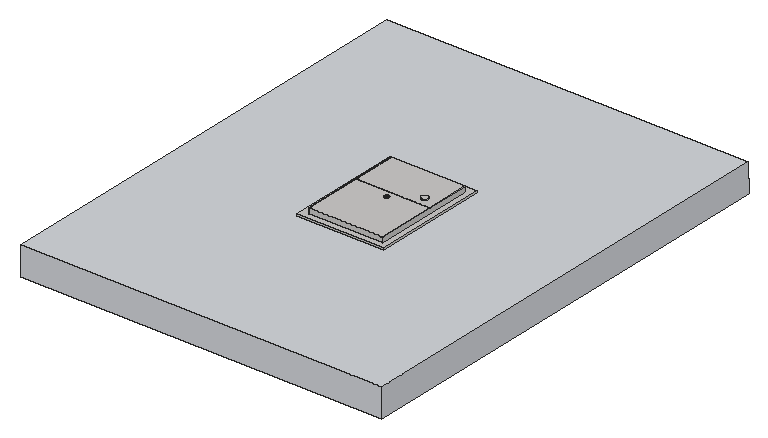
Revit family
Parameters
  Warranty Duration (Years) = 0
  Unit Width [instance] = 0' - 4 1/4"
  Unit Height [instance] = 0' - 0"
  Unit Depth = 0' - 4 1/4"
  URL = "http://www.americanspecialties.com/viewCategories.cfm"
  Trim Material = Metal - Stainless Steel
  Test Data = ""
  Specification = "http://www.arcat.com/sdspecs/htm/10810asi.htm"
  SpecWizard = ""
  Send Message = "http://www.arcat.com/users.pl?action=UserEmail&company=American%20Specialties,%20Inc.&coid=30448&rep=139&fax=914-476-0688&mf="
  Sales Information = "http://www.americanspecialties.com/contact"
  Revision = "R1_10-2010"
  Product Properties = "http://www.americanspecialties.com/datasheets/0472.pdf"
  Product Data = "http://www.arcat.com/arcatcos/cos30/arc30448.html"
  Model = "As Specified in 10 28 13"
  Manufacturer Website = "http://www.americanspecialties.com/viewCategories.cfm"
  Manufacturer Phone - Toll Free = ""
  Manufacturer Phone = "914-476-9000 "
  Manufacturer Fax = "914-476-0688"
  Manufacturer Address = "441 Saw Mill River Rd., Yonkers, NY 10701"
  Manufacturer = "American Specialties, Inc."
  Maintenance Schedule (Months) = 0
  Keynote = "10 28 13"
  Installation-Fabrication = "http://www.americanspecialties.com/products.cfm"
  Green Building-LEED = ""
  Expected Lifespan (Years) = 0
  Drawn By = "Robert S. Weygant. CSI, CDT, SCIP"  # constant formula
  Description = "Toilet Accessory as Specified in 10 28 13"
  Default Elevation = 4' - 0"
  Copyright = "©Arcat Inc."
  Construction Details = "http://www.arcat.com/green/clients/leed_data_30448.html"
  Building Codes = "http://www.americanspecialties.com/products.cfm"
  Body Material = Metal - Stainless Steel
  Assembly Code = "C1030210"
  a [instance] = 0' - 1"
  b [instance] = 0' - 2"
  c [instance] = ((0' 3 1/4" - b))  # 0' - 1 1/4"
Reference planes (in)
  plane 1 "Center (Front/Back)": y = -0.29112
  plane 2 "Floor Line": z = 0
  plane 3 "Center (Left/Right)": x = -0.65843
  plane 4: z = -4.25
Forms (in)
  Extrusion 1, solid
    sketch origin (-3, -9, -6) x (0, 0, -1) y (1, 0, 0)
      loop
        line (-6, 28.75709) -> (-6, -24.80417) -> (-1.75, -24.80417) -> (-1.75, 28.75709) -> (-6, 28.75709)
    from 25.29112 to -42.72698
  Extrusion 2, solid, material "Metal - Stainless Steel" <- "Body Material"
    sketch origin (-52.07261, -7.2106, 0.25) x (1, 0, 0) y (0, 1, 0)
      loop
        line (44.91417, 15.54448) -> (44.91417, -1.70552) -> (57.91417, -1.70552) -> (57.91417, 15.54448) -> (44.91417, 15.54448)
      loop
        line (45.91417, 14.54448) -> (45.91417, -0.70552) -> (56.91417, -0.70552) -> (56.91417, 14.54448) -> (45.91417, 14.54448)
    from -0.25 to 0
  Extrusion 3, solid, material "Metal - Stainless Steel" <- "Body Material"
    sketch origin (-52.07261, -7.2106, -2) x (1, 0, 0) y (0, 1, 0)
      loop
        line (44.91417, 15.54448) -> (44.91417, -1.70552) -> (57.91417, -1.70552) -> (57.91417, 15.54448) -> (44.91417, 15.54448)
      loop
        line (45.91417, 14.54448) -> (45.91417, -0.70552) -> (56.91417, -0.70552) -> (56.91417, 14.54448) -> (45.91417, 14.54448)
      loop
        circle (45.41417, 12.85698) r 0.25
      loop
        circle (57.41417, 12.85698) r 0.25
      loop
        circle (45.41417, 0.98198) r 0.25
      loop
        circle (57.41417, 0.98198) r 0.25
    from -0.25 to 0
  Extrusion 4, solid, material "Metal - Stainless Steel" <- "Body Material"
    sketch origin (-0.65843, 0, 1) x (0, 1, 0) y (0, 0, 1)
      loop
        line (7.33388, -0.03125) -> (7.30263, -0.03125) -> (7.30263, -4.21875) -> (7.33388, -4.21875) -> (7.33388, -0.03125)
      loop
        line (-7.91612, -4.21875) -> (-7.88487, -4.21875) -> (-7.88487, -0.03125) -> (-7.91612, -0.03125) -> (-7.91612, -4.21875)
    from 5.46875 to -5.46875
  Extrusion 5, solid, material "Metal - Stainless Steel" <- "Body Material"
    sketch origin (-0.65843, 0, 1) x (0, 1, 0) y (0, 0, 1)
      loop
        line (7.33388, -0.03125) -> (-7.91612, -0.03125) -> (-7.91612, -4.25) -> (7.33388, -4.25) -> (7.33388, -0.03125)
    from -5.46875 to -5.5
  Extrusion 6, solid, material "Metal - Stainless Steel" <- "Body Material"
    sketch origin (-0.65843, 0, 1) x (0, 1, 0) y (0, 0, -1)
      loop
        line (7.33388, 0.03125) -> (7.33388, 4.21875) -> (-7.91612, 4.21875) -> (-7.91612, 0.03125) -> (7.33388, 0.03125)
    from -5.46875 to -5.5
  Extrusion 7, solid, material "Metal - Stainless Steel" <- "Body Material"
    sketch origin (0, 0, 1) x (1, 0, 0) y (0, 1, 0)
      loop
        line (-6.15843, 7.33388) -> (-6.15843, 0.83388) -> (4.84157, 0.83388) -> (4.84157, 7.33388) -> (-6.15843, 7.33388)
      loop
        line (4.84157, 0.80263) -> (-6.15843, 0.80263) -> (-6.15843, -7.91612) -> (4.84157, -7.91612) -> (4.84157, 0.80263)
    from 0 to -0.03125
  Extrusion 8, solid, material "Metal - Stainless Steel" <- "Trim Material"
    sketch origin (-0.64952, 0.375, 1) x (1, 0, 0) y (0, 1, 0)
      loop
        circle (3.56883, 1.89152) r 0.5
    from 0 to 0.03125
  Extrusion 9, solid, material "Metal - Stainless Steel" <- "Trim Material"
    sketch origin (0, 0, 1) x (1, 0, 0) y (0, 1, 0)
      loop
        circle (-0.65843, -0.29112) r 0.25
      loop
        circle (-0.65843, -0.29112) r 0.3125
    from 0 to 0.03125
  Extrusion 10, solid, material "Metal - Stainless Steel" <- "Body Material"
    sketch origin (0, 0, -3.21875) x (0, -1, 0) y (1, 0, 0)
      loop
        line (-7.33388, -6.15843) -> (-0.83388, -6.15843) -> (-0.83388, 4.84157) -> (-7.33388, 4.84157) -> (-7.33388, -6.15843)
      loop
        line (-0.80263, 4.84157) -> (-0.80263, -6.15843) -> (7.91612, -6.15843) -> (7.91612, 4.84157) -> (-0.80263, 4.84157)
    from 0 to -0.03125
  Extrusion 11, solid, material "Metal - Stainless Steel" <- "Body Material"
    sketch origin (0, 0, -3.3125) x (0, -1, 0) y (1, 0, 0)
      loop
        circle (0.29112, -0.65843) r 0.25
      loop
        circle (0.29112, -0.65843) r 0.3125
    from 0 to 0.0625
  Extrusion 12, solid, material "Metal - Stainless Steel" <- "Trim Material"
    sketch origin (-0.66735, 0.375, -3.3125) x (0, 1, 0) y (-1, 0, 0)
      loop
        circle (1.89152, 3.56883) r 0.5
    from 0 to 0.03125
Dimensions and locks (in)
  "b": Extrusion 3 to Extrusion 2
  locked: Extrusion 2 to Extrusion 2 at 0.25
  locked: Extrusion 3 to Extrusion 3 at 0.25
  aligned and locked: Extrusion 5 to Extrusion 2
  aligned and locked: Extrusion 4 to Extrusion 5  (x2)
  aligned and locked: Extrusion 4 to Extrusion 6  (x2)
  aligned and locked: Extrusion 4 to Extrusion 7  (x2)
  aligned and locked: Extrusion 6 to Extrusion 4  (x2)
  aligned and locked: Extrusion 9 to Extrusion 8
  aligned and locked: Extrusion 5 to Extrusion 10
  aligned and locked: Extrusion 6 to Extrusion 10
Automatic sketch dimensions
  Extrusion 1 sketch curve to Extrusion 1 sketch curve = 0' - 4 1/4"
  Extrusion 1 sketch curve to Extrusion 1 sketch curve = 4' - 5.56126"
  Extrusion 2 sketch curve to plane 3 "Center (Left/Right)" = 0' - 6 1/2"
  Extrusion 2 sketch curve to Extrusion 2 sketch curve = 0' - 1"  (x4)
  plane 3 "Center (Left/Right)" to Extrusion 2 sketch curve = 0' - 5 1/2"
  plane 1 "Center (Front/Back)" to Extrusion 2 sketch curve = 0' - 8 5/8"
  Extrusion 3 sketch curve to plane 3 "Center (Left/Right)" = 0' - 6 1/2"
  Extrusion 3 sketch curve to Extrusion 3 sketch curve = 0' - 0 1/2"  (x4)
  Extrusion 3 sketch curve to Extrusion 3 sketch curve = 0' - 1"  (x4)
  plane 3 "Center (Left/Right)" to Extrusion 3 sketch curve = 0' - 5 1/2"
  plane 1 "Center (Front/Back)" to Extrusion 3 sketch curve = 0' - 8 5/8"
  Extrusion 3 sketch curve to Extrusion 3 sketch curve = 0' - 1 11/16"  (x3)
  Extrusion 3 sketch curve to plane 1 "Center (Front/Back)" = 0' - 5 15/16"  (x2)
  Extrusion 4 sketch curve to plane 4 = 0' - 1 1/32"  (x2)
  plane 1 "Center (Front/Back)" to Extrusion 4 sketch curve = 0' - 7 5/8"
  Extrusion 4 sketch curve to Extrusion 4 sketch curve = 0' - 0 1/32"  (x2)
  level to Extrusion 4 sketch curve = 0' - 0 31/32"  (x2)
  Extrusion 4 sketch curve to plane 1 "Center (Front/Back)" = 0' - 7 19/32"
  level to Extrusion 5 sketch curve = 0' - 0 31/32"
  plane 1 "Center (Front/Back)" to Extrusion 5 sketch curve = 0' - 7 5/8"
  Extrusion 5 sketch curve to plane 4 = 0' - 1"
  Extrusion 5 sketch curve to plane 1 "Center (Front/Back)" = 0' - 7 5/8"
  level to Extrusion 6 sketch curve = 0' - 0 31/32"
  plane 1 "Center (Front/Back)" to Extrusion 6 sketch curve = 0' - 7 5/8"
  Extrusion 6 sketch curve to plane 4 = 0' - 1 1/32"
  Extrusion 6 sketch curve to plane 1 "Center (Front/Back)" = 0' - 7 5/8"
  Extrusion 7 sketch curve to plane 3 "Center (Left/Right)" = 0' - 5 1/2"
  Extrusion 7 sketch curve to Extrusion 7 sketch curve = 0' - 0"
  plane 3 "Center (Left/Right)" to Extrusion 7 sketch curve = 0' - 5 1/2"  (x2)
  plane 1 "Center (Front/Back)" to Extrusion 7 sketch curve = 0' - 7 5/8"
  Extrusion 7 sketch curve to plane 1 "Center (Front/Back)" = 0' - 1 3/32"
  Extrusion 7 sketch curve to Extrusion 7 sketch curve = 0' - 0 1/32"
  Extrusion 7 sketch curve to Extrusion 7 sketch curve = 0' - 6 1/2"
  plane 3 "Center (Left/Right)" to Extrusion 8 sketch curve = 0' - 3.57774"
  Extrusion 8 sketch curve to plane 1 "Center (Front/Back)" = 0' - 2.55764"
  Extrusion 9 sketch curve to Extrusion 9 sketch curve = 0' - 0"  (x2)
  Extrusion 9 sketch curve to plane 1 "Center (Front/Back)" = 0' - 0"
  Extrusion 9 sketch curve to plane 3 "Center (Left/Right)" = 0' - 0"
  Extrusion 10 sketch curve to plane 1 "Center (Front/Back)" = 0' - 7 5/8"
  Extrusion 10 sketch curve to plane 1 "Center (Front/Back)" = 0' - 1 1/8"
  Extrusion 10 sketch curve to Extrusion 10 sketch curve = 0' - 0 1/32"
  plane 1 "Center (Front/Back)" to Extrusion 10 sketch curve = 0' - 7 5/8"
  Extrusion 10 sketch curve to plane 3 "Center (Left/Right)" = 0' - 5 1/2"
  Extrusion 10 sketch curve to Extrusion 10 sketch curve = 0' - 0"
  plane 3 "Center (Left/Right)" to Extrusion 10 sketch curve = 0' - 5 1/2"  (x2)
  Extrusion 11 sketch curve to Extrusion 11 sketch curve = 0' - 0"  (x2)
  Extrusion 11 sketch curve to plane 1 "Center (Front/Back)" = 0' - 0"
  Extrusion 11 sketch curve to plane 3 "Center (Left/Right)" = 0' - 0"
  Extrusion 12 sketch curve to plane 1 "Center (Front/Back)" = 0' - 2.55764"
  Extrusion 12 sketch curve to plane 3 "Center (Left/Right)" = 0' - 3.57774"
  Extrusion 2 sketch curve to plane 1 "Center (Front/Back)" = 0' - 7 5/8"
  radius of Extrusion 3 sketch curve = 0' - 0 1/4"  (x4)
  radius of Extrusion 8 sketch curve = 0' - 0 1/2"
  radius of Extrusion 9 sketch curve = 0' - 0 1/4"
  radius of Extrusion 9 sketch curve = 0' - 0 5/16"
  radius of Extrusion 11 sketch curve = 0' - 0 1/4"
  radius of Extrusion 11 sketch curve = 0' - 0 5/16"
  radius of Extrusion 12 sketch curve = 0' - 0 1/2"
